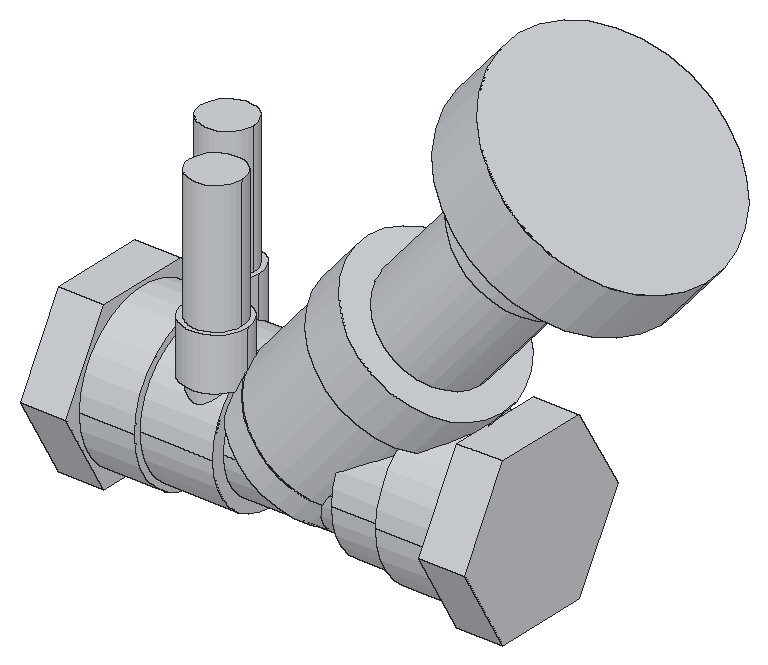
Revit family "D9515-DN40-RFA_2019", category Pipe Accessories, Revit 2019
Family settings
  Round Connector Dimension = Use Diameter
  Part Type = Valve - Breaks Into
  Work Plane-Based = No
  Always vertical = Yes
  Cut with Voids When Loaded = No
  Shared = No
Parameters (values of type "D9515 DN40")
  magiProductId = "9b6b6dd7761a428fa780a8a57ab3c3"
  magiProductFamilyId = "2231140663314cd0b01ba8939d6b11"
  magiPartTypeId = 304
  isMeasuringValve [instance] = no
  ang2D [instance] = 0.00°
  W2D = 15 mm
  W21 = 10.5 mm
  VersionID = "2.0/2017.10.31.1/VIR_9515_001"
  Use Minimum Symbol Size [instance] = yes
  URL = "www.hydronix.cz"
  Type Comments = "Ruční vyvažovací ventil s měřením na cloně; PN25; -10~+130°C; (měřicí vsuvky -10~+120°C)"
  RN2 = 20.4 mm
  RN = 27.3 mm
  R7 = 9 mm
  R6 = 7.5 mm
  R3 = 22.75 mm
  R2 = 21 mm
  R14 = 20 mm
  R13 = 17 mm
  R12 = 25.025 mm
  R11 = 22.75 mm
  R1 = 17.5 mm
  QmdConnectorList = "301;D;302;D"
  Productdata [instance] = ""
  NUT1 = no
  Manufacturer = "Hydronix"
  MC Product Code = "9515 040 (DN40, PN25; kvs19,59; kvc30,23)"
  MC Piping Given Pressure Drop [instance] = 0.0 Pa
  L_2 = 63.5 mm
  L5 = 2 mm
  L4__ve = -L4  # -21 mm
  L4 = 21 mm
  L3 = 14 mm
  L2__ve = -L2  # -16 mm
  L2D_Min = 3048 mm
  L2D = 87.8 mm
  L22 = 21 mm
  L21 = 7.5 mm
  L2 = 16 mm
  L1__ve = -L1  # -13 mm
  L1 = 13 mm
  HWR = 35 mm
  H24 = 37.5 mm
  H23 = 15 mm
  H22 = 14.85 mm
  H21 = 14.75 mm
  H15 = 20 mm
  H14 = 38.807 mm
  H13 = 9 mm
  H12 = 15 mm
  H11 = 32 mm
  H10 = 8 mm
  Description = "Ruční vyvažovací ventil s měřením na cloně; PN25"
  D = 40 mm
  CenSd_RN_6 = RN * cos(30.00°)  # 23.642 mm
  CenSd_RN2_6 = RN2 * cos(30.00°)  # 17.667 mm
  CAT0 = yes
Types (6, lengths in mm): name | magiProductId | W21 | RN2 | RN | R3 | R2 | R13 | R12 | R11 | R1 | MC Product Code | L_2 | L3 | L2__ve | L2 | L1__ve | L1 | H24 | H23 | H22 | H21 | H14 | H12 | H10 | D | CenSd_RN_6 | CenSd_RN2_6
  D9515 DN15 | "17cbc467cde14417a5a74aa240a316" | 6.75 | 17.55 | 17.55 | 14.625 | 13.5 | 14.625 | 16.087 | 14.625 | 11.25 | "9515 015 (DN15, PN25; kvs1,92; kvc2,80)" | 43.9 | 10 | -12 | 12 | -8 | 8 | 30.9 | 12.36 | 6.725 | 6.625 | 19.088 | 10 | 4 | 15 | 15.199 | 15.199
  D9515 DN20 | "db511cd39f454f418d6e49e6ac0c56" | 7.5 | 19.5 | 19.5 | 16.25 | 15 | 16.25 | 17.875 | 16.25 | 12.5 | "9515 020 (DN20, PN25; kvs3,67; kvc5,33)" | 47.95 | 10 | -12 | 12 | -9 | 9 | 30.9 | 12.36 | 8.35 | 8.25 | 18.088 | 10 | 5 | 20 | 16.887 | 16.887
  D9515 DN25 | "e8aaae3d88cc438088acb51c2ae749" | 8.25 | 21.45 | 21.45 | 17.875 | 16.5 | 17.875 | 19.663 | 17.875 | 13.75 | "9515 025 (DN25, PN25; kvs6,24; kvc9,72)" | 50 | 12 | -14 | 14 | -10 | 10 | 30.9 | 12.36 | 9.975 | 9.875 | 17.088 | 10 | 6 | 25 | 18.576 | 18.576
  D9515 DN32 | "dc2d0354abae4200a8eaff76faf524" | 9.3 | 20.4 | 24.18 | 20.15 | 18.6 | 17 | 22.165 | 20.15 | 15.5 | "9515 032 (DN32, PN25; kvs12,54; kvc20,25)" | 58.75 | 13 | -15 | 15 | -11.4 | 11.4 | 36.9 | 14.76 | 12.25 | 12.15 | 37.197 | 15 | 7 | 32 | 20.94 | 17.667
  D9515 DN40 | "9b6b6dd7761a428fa780a8a57ab3c3" | 10.5 | 20.4 | 27.3 | 22.75 | 21 | 17 | 25.025 | 22.75 | 17.5 | "9515 040 (DN40, PN25; kvs19,59; kvc30,23)" | 63.5 | 14 | -16 | 16 | -13 | 13 | 37.5 | 15 | 14.85 | 14.75 | 38.807 | 15 | 8 | 40 | 23.642 | 17.667
  D9515 DN50 | "6b5b9dd02a164b53a7f96efb176f34" | 12 | 20.4 | 31.2 | 26 | 24 | 17 | 28.6 | 26 | 20 | "9515 050 (DN50, PN25; kvs29,72; kvc55,07)" | 72.65 | 15 | -17 | 17 | -15 | 15 | 40.8 | 16.32 | 18.1 | 18 | 51.167 | 15 | 10 | 50 | 27.02 | 17.667
Reference planes
  plane 1 "Center (Front/Back)": y = 0
  plane 2 "XYPLANE": z = 0
  plane 3 "Center (Left/Right)": x = 0
  plane 4 "329": through (-571.391, 0, 488.219) normal (0.6428, 0, 0.766)
  plane 5 "328": y = -10.5
  plane 6 "327": y = 10.5
  plane 7 "312": through (-550.822, 0, 512.732) normal (0.6428, 0, 0.766)
  plane 8 "176": z = 29.75
  plane 9 "173": z = 14.85
  plane 10 "163": x = -2
  plane 11 "158": x = 20.5
  plane 12 "157": x = 34.5
  plane 13 "154": x = -13.5
  plane 14 "83": z = 29.85
  plane 15 "76": x = -34.5
  plane 16 "73": z = 14.75
  plane 17 "70": z = 0
  plane 18 "69": y = 0
  plane 19 "68": x = -21
  plane 20 "60": through (-503.379, 0, 569.272) normal (0.6428, 0, 0.766)
  plane 21 "57": through (-516.235, 0, 553.951) normal (0.6428, 0, 0.766)
  plane 22 "54": through (-541.18, 0, 524.223) normal (0.6428, 0, 0.766)
  plane 23 "32": through (-576.533, 0, 482.091) normal (0.6428, 0, 0.766)
  plane 24 "31": y = 0
  plane 25 "30": through (480.091, 0, 574.533) normal (0.766, 0, -0.6428)
  plane 26 "21": x = -34.5
  plane 27 "20": x = 50.5
  plane 28 "19": x = -50.5
  plane 29 "13": x = 0
  plane 30 "11": x = 63.5
  plane 31 "10": x = -63.5
  plane 32 "9": y = 0
  plane 33 "8": z = 0
  plane 34 "65XY": z = 0
  plane 35 "65XZ": y = 0
  plane 36 "65YZ": x = -2.9
  plane 37 "27XY": through (-576.533, 0, 482.091) normal (0.6428, 0, 0.766)
  plane 38 "27XZ": y = 0
  plane 39 "27YZ": through (480.091, 0, 574.533) normal (0.766, 0, -0.6428)
Forms (mm)
  Extrusion 1, solid, visible <- "CAT0"
    sketch origin (-576.533, 0, 482.091) x (0.766044, 0, -0.642788) y (0, 1, 0)
      loop
        circle (750, 0) r 22.75
    from 0 to 8 <- "H10"
  Extrusion 2, solid
    sketch origin (34.5, -750, 0) x (0, 1, 0) y (0, 0, 1)
      loop
        circle (750, 0) r 22.75
    from 0 to 16 <- "L2"
  Extrusion 3, solid
    sketch origin (20.5, -750, 0) x (0, 1, 0) y (0, 0, 1)
      loop
        circle (750, 0) r 21
    from 0 to 14 <- "L3"
  Extrusion 4, solid
    sketch origin (-34.5, -750, 0) x (0, 1, 0) y (0, 0, 1)
      loop
        circle (750, 0) r 22.75
    from 0 to -16 <- "L2__ve"
  Extrusion 5, solid
    sketch origin (-13.5, -750, 0) x (0, 1, 0) y (0, 0, 1)
      loop
        circle (750, 0) r 21
    from 0 to -21 <- "L4__ve"
  Extrusion 6, solid
    sketch origin (-571.391, 0, 488.219) x (0.766044, 0, -0.642788) y (0, 1, 0)
      loop
        circle (750, 0) r 22.75
    from 0 to 32 <- "H11"
  Extrusion 7, solid
    sketch origin (-2.9, 750, 29.75) x (0, -1, 0) y (1, 0, 0)
      loop
        circle (739.5, -31.6) r 7.5
    from 0 to 37.5 <- "H24"
  Extrusion 8, solid
    sketch origin (-2.9, 750, 14.75) x (0, -1, 0) y (1, 0, 0)
      loop
        circle (739.5, -31.6) r 9
    from 0 to 15 <- "H23"
  Extrusion 9, solid
    sketch origin (-541.18, 0, 524.223) x (0.766044, 0, -0.642788) y (0, 1, 0)
      loop
        circle (750, 0) r 17
    from 0 to 38.807 <- "H14"
  Extrusion 10, solid, visible <- "NUT1"
    sketch origin (-541.18, 0, 524.223) x (0.766044, 0, -0.642788) y (0, 1, 0)
      loop
        line (750, 20.4) -> (732.333, 10.2) -> (732.333, -10.2) -> (750, -20.4) -> (767.667, -10.2) -> (767.667, 10.2) -> (750, 20.4)
    from 0 to 9 <- "H13"
  Blend 11, solid
    base sketch origin (-13.5, -750, 0) x (0, 1, 0) y (0, 0, 1)
      loop
        circle (750, 0) r 17.5
    top sketch origin (-13.5, -750, 0) x (0, 1, 0) y (0, 0, 1)
      loop
        circle (750, 0) r 17.5
    from 0 to 34
  Extrusion 12, solid
    sketch origin (-2.9, 750, 0) x (0, -1, 0) y (1, 0, 0)
      loop
        circle (760.5, -18.1) r 7.5
    from 0 to 14.85 <- "H22"
  Extrusion 13, solid
    sketch origin (-2.9, 750, 29.85) x (0, -1, 0) y (1, 0, 0)
      loop
        circle (760.5, -18.1) r 7.5
    from 0 to 37.5 <- "H24"
  Extrusion 14, solid
    sketch origin (-2.9, 750, 0) x (0, -1, 0) y (1, 0, 0)
      loop
        circle (739.5, -31.6) r 7.5
    from 0 to 14.75 <- "H21"
  Extrusion 15, solid
    sketch origin (-2.9, 750, 14.85) x (0, -1, 0) y (1, 0, 0)
      loop
        circle (760.5, -18.1) r 9
    from 0 to 15 <- "H23"
  Extrusion 16, solid, visible <- "CAT0"
    sketch origin (-503.379, 0, 569.272) x (0.766044, 0, -0.642788) y (0, 1, 0)
      loop
        circle (750, 0) r 35
    from 0 to 20 <- "H15"
  Extrusion 17, solid
    sketch origin (-516.235, 0, 553.951) x (0.766044, 0, -0.642788) y (0, 1, 0)
      loop
        circle (750, 0) r 20
    from 0 to 20 <- "H15"
  Extrusion 18, solid
    sketch origin (-550.822, 0, 512.732) x (0.766044, 0, -0.642788) y (0, 1, 0)
      loop
        circle (750, 0) r 25.025
    from 0 to 15 <- "H12"
  Extrusion 19, solid
    sketch origin (63.5, -750, 0) x (0, 1, 0) y (0, 0, 1)
      loop
        line (722.7, 0) -> (736.35, -23.642) -> (763.65, -23.642) -> (777.3, 0) -> (763.65, 23.642) -> (736.35, 23.642) -> (722.7, 0)
    from 0 to -13 <- "L1__ve"
  Extrusion 20, solid
    sketch origin (-63.5, -750, 0) x (0, 1, 0) y (0, 0, 1)
      loop
        line (777.3, 0) -> (763.65, 23.642) -> (736.35, 23.642) -> (722.7, 0) -> (736.35, -23.642) -> (763.65, -23.642) -> (777.3, 0)
    from 0 to 13 <- "L1"
  Extrusion 21, solid, not visible
    sketch origin (63.5, -750, 0) x (0, 1, 0) y (0, 0, 1)
      loop
        circle (750, 0) r 13.75
    from 0 to -10
  Extrusion 22, solid, not visible
    sketch origin (-63.5, -750, 0) x (0, 1, 0) y (0, 0, 1)
      loop
        circle (750, 0) r 13.75
    from 0 to 10
Lines and regions (mm)
  reference lines, not visible
    curve 1: circle (2, 2, 0) r 1 normal (0, 0, 1)
  reference lines
    curve 2: line (33.353, 0, 42.132) -> (39.175, -4.387, 37.248)
    curve 3: line (33.353, 0, 42.132) -> (33.353, -8.775, 42.132)
    curve 4: line (33.353, 0, 42.132) -> (27.532, -4.387, 47.017)
    curve 5: line (63.5, 0, 0) -> (63.5, 4.387, -7.599)
    curve 6: line (63.5, 0, 0) -> (63.5, 8.775, 0)
    curve 7: line (63.5, 0, 0) -> (63.5, 4.387, 7.599)
    curve 8: line (-63.5, 0, 0) -> (-63.5, -4.387, -7.599)
    curve 9: line (-63.5, 0, 0) -> (-63.5, -8.775, 0)
    curve 10: line (-63.5, 0, 0) -> (-63.5, -4.387, 7.599)
Dimensions and locks
  plane 1 "Center (Front/Back)" to curve 1 = 2 mm
  "H10": plane 23 "32" to plane 4 "329"
  "W21": plane 18 "69" to plane 5 "328"
  "W21": plane 18 "69" to plane 6 "327"
  "H11": plane 4 "329" to plane 7 "312"
  "H23": plane 16 "73" to plane 8 "176"
  "H22": plane 17 "70" to plane 9 "173"
  "L5": plane 29 "13" to plane 10 "163"
  "L3": plane 12 "157" to plane 11 "158"
  "L2": plane 27 "20" to plane 12 "157"
  "L4": plane 26 "21" to plane 13 "154"
  "H23": plane 9 "173" to plane 14 "83"
  "L22": plane 13 "154" to plane 15 "76"
  "H21": plane 17 "70" to plane 16 "73"
  locked: plane 33 "8" to plane 17 "70"
  locked: plane 32 "9" to plane 18 "69"
  "L21": plane 13 "154" to plane 19 "68"
  "H15": plane 21 "57" to plane 20 "60"
  "H14": plane 22 "54" to plane 21 "57"
  "H12": plane 7 "312" to plane 22 "54"
  locked: plane 37 "27XY" to plane 23 "32"
  locked: plane 32 "9" to plane 24 "31"
  locked: plane 39 "27YZ" to plane 25 "30"
  "L2": plane 28 "19" to plane 26 "21"
  "L1": plane 30 "11" to plane 27 "20"
  "L1": plane 31 "10" to plane 28 "19"
  locked: plane 3 "Center (Left/Right)" to plane 29 "13"
  "L_2": plane 3 "Center (Left/Right)" to plane 30 "11"
  "L_2": plane 3 "Center (Left/Right)" to plane 31 "10"
  locked: plane 1 "Center (Front/Back)" to plane 32 "9"
  locked: plane 2 "XYPLANE" to plane 33 "8"
  "CenSd_RN2_6": curve 2 to Extrusion 10 sketch curve  (x2)
  "CenSd_RN2_6": curve 3 to Extrusion 10 sketch curve  (x2)
  "CenSd_RN2_6": curve 4 to Extrusion 10 sketch curve  (x2)
  Extrusion 10 sketch curve to Extrusion 10 sketch curve = 0 mm  (x12)
  "CenSd_RN_6": curve 5 to Extrusion 19 sketch curve  (x2)
  "CenSd_RN_6": curve 6 to Extrusion 19 sketch curve  (x2)
  "CenSd_RN_6": curve 7 to Extrusion 19 sketch curve  (x2)
  Extrusion 19 sketch curve to Extrusion 19 sketch curve = 0 mm  (x12)
  "CenSd_RN_6": curve 8 to Extrusion 20 sketch curve  (x2)
  "CenSd_RN_6": curve 9 to Extrusion 20 sketch curve  (x2)
  "CenSd_RN_6": curve 10 to Extrusion 20 sketch curve  (x2)
  Extrusion 20 sketch curve to Extrusion 20 sketch curve = 0 mm  (x12)
  "R11": radius of Extrusion 1 sketch curve
  "R3": radius of Extrusion 2 sketch curve
  "R2": radius of Extrusion 3 sketch curve
  "R3": radius of Extrusion 4 sketch curve
  "R2": radius of Extrusion 5 sketch curve
  "R11": radius of Extrusion 6 sketch curve
  "R6": radius of Extrusion 7 sketch curve
  "R7": radius of Extrusion 8 sketch curve
  "R13": radius of Extrusion 9 sketch curve
  "R1": radius of Blend 11 sketch curve  (x2)
  "R6": radius of Extrusion 12 sketch curve
  "R6": radius of Extrusion 13 sketch curve
  "R6": radius of Extrusion 14 sketch curve
  "R7": radius of Extrusion 15 sketch curve
  "HWR": radius of Extrusion 16 sketch curve
  "R14": radius of Extrusion 17 sketch curve
  "R12": radius of Extrusion 18 sketch curve
  locked: curve 3 to curve 2 (angle 60.00°)
  locked: curve 4 to curve 3 (angle 60.00°)
  locked: curve 4 to curve 2 (angle 120.00°)
  locked: curve 6 to curve 5 (angle 60.00°)
  locked: curve 7 to curve 6 (angle 60.00°)
  locked: curve 7 to curve 5 (angle 120.00°)
  locked: curve 9 to curve 8 (angle 60.00°)
  locked: curve 10 to curve 9 (angle 60.00°)
  locked: curve 10 to curve 8 (angle 120.00°)
  aligned and locked: level to plane 2 "XYPLANE"
  aligned and locked: plane 24 "31" to Extrusion 1 sketch curve
  aligned and locked: Extrusion 1 sketch curve to plane 25 "30"
  aligned and locked: Extrusion 2 sketch curve to plane 32 "9"
  aligned and locked: plane 33 "8" to Extrusion 2 sketch curve
  aligned and locked: Extrusion 3 sketch curve to plane 32 "9"
  aligned and locked: plane 33 "8" to Extrusion 3 sketch curve
  aligned and locked: Extrusion 4 sketch curve to plane 32 "9"
  aligned and locked: plane 33 "8" to Extrusion 4 sketch curve
  aligned and locked: Extrusion 5 sketch curve to plane 32 "9"
  aligned and locked: plane 33 "8" to Extrusion 5 sketch curve
  aligned and locked: plane 24 "31" to Extrusion 6 sketch curve
  aligned and locked: Extrusion 6 sketch curve to plane 25 "30"
  aligned and locked: plane 6 "327" to Extrusion 7 sketch curve
  aligned and locked: plane 15 "76" to Extrusion 7 sketch curve
  aligned and locked: plane 6 "327" to Extrusion 8 sketch curve
  aligned and locked: plane 15 "76" to Extrusion 8 sketch curve
  aligned and locked: plane 24 "31" to Extrusion 9 sketch curve
  aligned and locked: Extrusion 9 sketch curve to plane 25 "30"
  aligned and locked: curve 2 to plane 25 "30"
  aligned and locked: plane 24 "31" to curve 3
  aligned and locked: Blend 11 sketch curve to plane 32 "9"  (x2)
  aligned and locked: plane 33 "8" to Blend 11 sketch curve  (x2)
  aligned and locked: plane 11 "158" to Blend 11
  aligned and locked: plane 5 "328" to Extrusion 12 sketch curve
  aligned and locked: plane 19 "68" to Extrusion 12 sketch curve
  aligned and locked: plane 5 "328" to Extrusion 13 sketch curve
  aligned and locked: plane 19 "68" to Extrusion 13 sketch curve
  aligned and locked: plane 6 "327" to Extrusion 14 sketch curve
  aligned and locked: plane 15 "76" to Extrusion 14 sketch curve
  aligned and locked: plane 5 "328" to Extrusion 15 sketch curve
  aligned and locked: plane 19 "68" to Extrusion 15 sketch curve
  aligned and locked: plane 24 "31" to Extrusion 16 sketch curve
  aligned and locked: Extrusion 16 sketch curve to plane 25 "30"
  aligned and locked: plane 24 "31" to Extrusion 17 sketch curve
  aligned and locked: Extrusion 17 sketch curve to plane 25 "30"
  aligned and locked: plane 24 "31" to Extrusion 18 sketch curve
  aligned and locked: Extrusion 18 sketch curve to plane 25 "30"
  aligned and locked: curve 7 to plane 32 "9"
  aligned and locked: plane 33 "8" to curve 7
  aligned and locked: curve 10 to plane 32 "9"
  aligned and locked: plane 33 "8" to curve 10
  aligned and locked: Extrusion 21 sketch curve to plane 32 "9"
  aligned and locked: plane 33 "8" to Extrusion 21 sketch curve
  aligned and locked: Extrusion 22 sketch curve to plane 32 "9"
  aligned and locked: plane 33 "8" to Extrusion 22 sketch curve
Automatic sketch dimensions
  Extrusion 21 sketch curve to plane 5 "328" = 3.25 mm
  Extrusion 22 sketch curve to plane 5 "328" = 3.25 mm
  plane 3 "Center (Left/Right)" to curve 1 = 2 mm
  radius of curve 1 = 1 mm
Connectors
  piping at (-63.5, 0, 0), diameter 40, driven by "D"
    settings: on Extrusion 22, index 1, connector inside diameter 609.6 mm, connector length 0 mm, flow factor 0, pipe flow 0.0 L/s, pressure drop 0.0 Pa, fitting loss kfactor 0, connector angle 0.00°, fixture units 0, engagement length 0 mm, angle of deflection 0.00°, flow configuration 0, flow direction 0, fitting loss method 0, system type 29, joint type 0, gender type 0, connector reference index 2, connector utility 0, adjustable connector no, is connector primary yes, connector description ""
  piping at (63.5, 0, 0), diameter 40, driven by "D"
    settings: on Extrusion 21, index 2, connector inside diameter 609.6 mm, connector length 0 mm, flow factor 0, pipe flow 0.0 L/s, pressure drop 0.0 Pa, fitting loss kfactor 0, connector angle 0.00°, fixture units 0, engagement length 0 mm, angle of deflection 0.00°, flow configuration 0, flow direction 0, fitting loss method 0, system type 29, joint type 0, gender type 0, connector reference index 1, connector utility 0, adjustable connector no, is connector primary no, connector description ""
